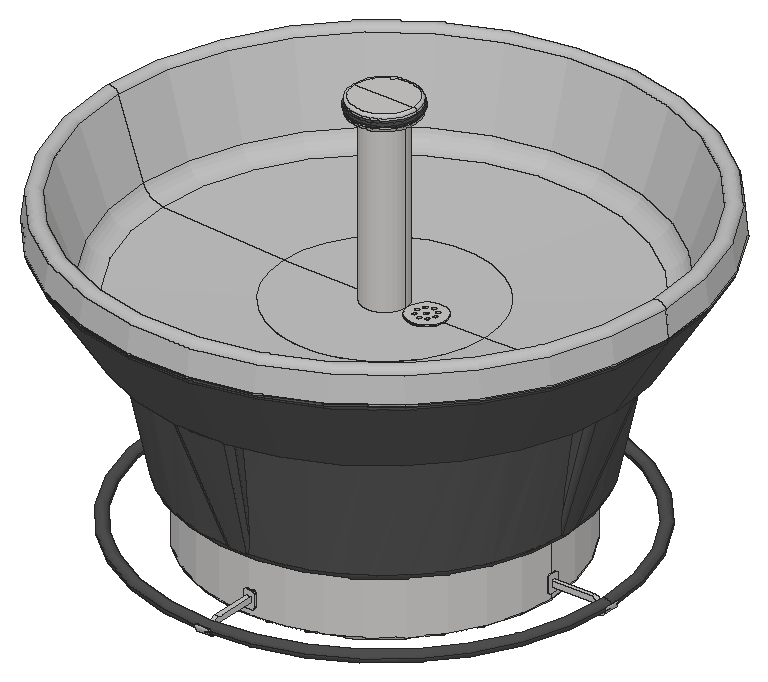
Revit family "Washfountain_Lavatory-Bradley_Corp-WF2808-Type_O_Drain", category Plumbing Fixtures, Revit 2012 (continued)
Automatic sketch dimensions
  Masking region 7 sketch curve to curve 8 = 0.000"
  Masking region 7 sketch curve to curve 8 = 3.22592"
  Masking region 7 sketch curve to curve 8 = 2.810"
  curve 8 to Masking region 7 sketch curve = 2.810"
  curve 8 to Masking region 7 sketch curve = 3.22592"
  Masking region 7 sketch curve to curve 8 = 6.000"
  Masking region 8 sketch curve to curve 8 = 0.000"
  curve 8 to Masking region 8 sketch curve = 1.000"
  Masking region 8 sketch curve to curve 8 = 3.1566"
  Masking region 8 sketch curve to Masking region 8 sketch curve = 0.14284"  (x2)
  Masking region 8 sketch curve to Masking region 8 sketch curve = 0.03075"  (x2)
  Masking region 8 sketch curve to Masking region 8 sketch curve = 0.05262"  (x4)
  Masking region 8 sketch curve to Masking region 8 sketch curve = 0.06777"  (x2)
  Masking region 8 sketch curve to curve 8 = 1.17907"
  Masking region 8 sketch curve to curve 8 = 0.84002"
  curve 8 to Masking region 8 sketch curve = 0.84002"
  curve 8 to Masking region 8 sketch curve = 1.17907"
  Masking region 8 sketch curve to Masking region 8 sketch curve = 1.96998"
  curve 8 to Masking region 8 sketch curve = 0.375"
  Masking region 8 sketch curve to curve 8 = 7.18965"
  Masking region 8 sketch curve to Masking region 8 sketch curve = 1.18965"
  Masking region 8 sketch curve to Masking region 8 sketch curve = 0.60673"  (x2)
  Masking region 8 sketch curve to Masking region 8 sketch curve = 1.250"  (x5)
  Masking region 8 sketch curve to Masking region 8 sketch curve = 0.64327"
  Masking region 8 sketch curve to Masking region 8 sketch curve = 0.625"
  curve 8 to curve 24 = 0.375"
  curve 24 to curve 8 = 3.1566"
  curve 19 to curve 24 = 0.000"  (x2)
  curve 19 to curve 20 = 0.17359"
  curve 20 to curve 21 = 0.05262"
  curve 21 to curve 22 = 0.05262"
  curve 22 to curve 23 = 0.06777"
  curve 8 to curve 23 = 2.810"
  curve 23 to curve 22 = 0.06777"
  curve 22 to curve 21 = 0.05262"
  curve 21 to curve 20 = 0.05262"
  curve 20 to curve 24 = 0.17359"
  curve 19 to curve 24 = 0.625"
  curve 20 to curve 19 = 0.64327"
  curve 21 to curve 20 = 1.250"
  curve 22 to curve 21 = 1.250"
  curve 23 to curve 22 = 1.250"
  Masking region 9 sketch curve to curve 3 = 0.000"
  Masking region 9 sketch curve to curve 3 = 0.12875"
  curve 3 to Masking region 9 sketch curve = 0.21498"
  curve 3 to Masking region 9 sketch curve = 0.215"
  Masking region 9 sketch curve to Masking region 9 sketch curve = 0.785"
  Masking region 9 sketch curve to curve 3 = 1.000"
  Masking region 9 sketch curve to curve 3 = 0.215"
  Masking region 9 sketch curve to curve 3 = 0.21498"
  curve 3 to Masking region 9 sketch curve = 0.12875"
  Masking region 9 sketch curve to curve 3 = 1.38998"  (x2)
  Masking region 9 sketch curve to curve 3 = 0.94498"  (x2)
  Masking region 9 sketch curve to curve 3 = 0.44498"  (x2)
  Masking region 10 sketch curve to curve 3 = 0.12875"
  Masking region 10 sketch curve to curve 3 = 0.035"  (x2)
  Masking region 10 sketch curve to curve 3 = 0.00002"
  curve 3 to Masking region 10 sketch curve = 0.215"  (x2)
  Masking region 10 sketch curve to Masking region 10 sketch curve = 0.785"
  Masking region 10 sketch curve to curve 3 = 1.000"
  Masking region 10 sketch curve to curve 3 = 0.215"  (x2)
  curve 3 to Masking region 10 sketch curve = 0.035"  (x2)
  Masking region 10 sketch curve to Masking region 10 sketch curve = 0.09375"
  Masking region 10 sketch curve to curve 3 = 1.38998"  (x2)
  Masking region 10 sketch curve to curve 3 = 0.94498"  (x2)
  Masking region 10 sketch curve to curve 3 = 0.53873"  (x2)
  Masking region 11 sketch curve to curve 4 = 0.000"
  Masking region 11 sketch curve to curve 4 = 0.12875"
  curve 4 to Masking region 11 sketch curve = 0.21498"
  curve 4 to Masking region 11 sketch curve = 0.215"
  Masking region 11 sketch curve to Masking region 11 sketch curve = 0.785"
  Masking region 11 sketch curve to curve 4 = 1.000"
  Masking region 11 sketch curve to curve 4 = 0.215"
  Masking region 11 sketch curve to curve 4 = 0.21498"
  curve 4 to Masking region 11 sketch curve = 0.12875"
  Masking region 11 sketch curve to curve 4 = 1.38998"  (x2)
  Masking region 11 sketch curve to curve 4 = 0.94498"  (x2)
  Masking region 11 sketch curve to curve 4 = 0.44498"  (x2)
  Masking region 12 sketch curve to curve 4 = 0.12875"
  Masking region 12 sketch curve to curve 4 = 0.035"  (x2)
  curve 4 to Masking region 12 sketch curve = 0.215"  (x2)
  Masking region 12 sketch curve to curve 4 = 0.00002"
  curve 4 to Masking region 12 sketch curve = 1.000"
  Masking region 12 sketch curve to curve 4 = 1.000"
  Masking region 12 sketch curve to curve 4 = 0.215"  (x2)
  curve 4 to Masking region 12 sketch curve = 0.035"  (x2)
  Masking region 12 sketch curve to Masking region 12 sketch curve = 0.09375"
  Masking region 12 sketch curve to curve 4 = 1.38998"  (x2)
  Masking region 12 sketch curve to curve 4 = 0.94498"  (x2)
  Masking region 12 sketch curve to curve 4 = 0.53873"  (x2)
  curve 37 to curve 4 = 0.12875"
  curve 32 to curve 4 = 0.12875"
  curve 36 to curve 4 = 0.035"
  curve 33 to curve 4 = 0.035"
  curve 4 to curve 38 = 1.000"
  curve 38 to curve 4 = 1.000"
  curve 4 to curve 35 = 0.035"
  curve 4 to curve 33 = 0.035"
  curve 33 to curve 34 = 0.09375"
  curve 35 to curve 35 = 0.09375"
  curve 38 to curve 4 = 1.38998"
  curve 37 to curve 4 = 0.94498"
  curve 34 to curve 4 = 0.44498"
  Revolve 7 sketch curve to curve 5 = 0.000"
  curve 5 to Revolve 7 sketch curve = 1.000"
  curve 5 to Revolve 7 sketch curve = 0.89718"
  Revolve 7 sketch curve to curve 5 = 0.64632"
  Revolve 7 sketch curve to Revolve 7 sketch curve = 0.17678"
  Revolve 7 sketch curve to Revolve 7 sketch curve = 0.000"  (x5)
  Revolve 7 sketch curve to Revolve 7 sketch curve = 0.60355"
  Revolve 7 sketch curve to Revolve 7 sketch curve = 0.176"
  curve 5 to Revolve 7 sketch curve = 0.34072"
  Revolve 7 sketch curve to curve 5 = 1.44037"
  Revolve 7 sketch curve to Revolve 7 sketch curve = 0.01575"
  Revolve 7 sketch curve to Revolve 7 sketch curve = 0.074"
  Revolve 7 sketch curve to Revolve 7 sketch curve = 0.0755"
  Revolve 7 sketch curve to curve 5 = 2.78252"
  Revolve 7 sketch curve to curve 5 = 39.99275"
  Revolve 7 sketch curve to Revolve 7 sketch curve = 0.07322"
  Revolve 7 sketch curve to Revolve 7 sketch curve = 0.60277"
  Revolve 7 sketch curve to Revolve 7 sketch curve = 0.22469"
  Revolve 7 sketch curve to Revolve 7 sketch curve = 1.19454"
  Revolve 8 sketch curve to curve 5 = 0.000"
  curve 5 to Revolve 8 sketch curve = 1.000"
  Revolve 8 sketch curve to curve 5 = 0.75025"
  Revolve 8 sketch curve to Revolve 8 sketch curve = 0.82512"  (x2)
  Revolve 8 sketch curve to Revolve 8 sketch curve = 0.000"
  Revolve 8 sketch curve to Revolve 8 sketch curve = 0.71918"
  Revolve 8 sketch curve to Revolve 8 sketch curve = 1.30001"
  Masking region 13 sketch curve to curve 5 = 0.000"
  Masking region 13 sketch curve to curve 5 = 1.5755"
  Masking region 13 sketch curve to curve 5 = 0.750"
  curve 5 to Masking region 13 sketch curve = 1.000"
  Masking region 13 sketch curve to curve 5 = 1.000"
  curve 5 to Masking region 13 sketch curve = 0.75025"
  curve 5 to Masking region 13 sketch curve = 1.57537"
  Masking region 13 sketch curve to Masking region 13 sketch curve = 0.8255"
  Masking region 13 sketch curve to Masking region 13 sketch curve = 0.82512"
  Masking region 14 sketch curve to curve 5 = 0.000"
  Masking region 14 sketch curve to curve 5 = 1.57537"
  Masking region 14 sketch curve to Masking region 14 sketch curve = 0.0755"  (x2)
  Masking region 14 sketch curve to Masking region 14 sketch curve = 0.11925"
  Masking region 14 sketch curve to Masking region 14 sketch curve = 0.000"  (x7)
  Masking region 14 sketch curve to Masking region 14 sketch curve = 0.01575"  (x2)
  Masking region 14 sketch curve to Masking region 14 sketch curve = 0.074"  (x2)
  Masking region 14 sketch curve to Masking region 14 sketch curve = 0.176"  (x2)
  Masking region 14 sketch curve to curve 5 = 0.82309"
  Masking region 14 sketch curve to Masking region 14 sketch curve = 0.17678"  (x2)
  curve 5 to Masking region 14 sketch curve = 0.89718"
  curve 5 to Masking region 14 sketch curve = 1.000"
  curve 5 to Masking region 14 sketch curve = 2.78252"
  Masking region 14 sketch curve to Masking region 14 sketch curve = 0.43497"
  Masking region 14 sketch curve to curve 5 = 1.000"
  Masking region 14 sketch curve to curve 5 = 0.89718"
  curve 5 to Masking region 14 sketch curve = 0.64632"
  Masking region 14 sketch curve to Masking region 14 sketch curve = 0.60355"
  curve 5 to Masking region 14 sketch curve = 0.34072"
  curve 5 to Masking region 14 sketch curve = 1.44037"
  Masking region 14 sketch curve to curve 5 = 39.99275"
  Masking region 14 sketch curve to Masking region 14 sketch curve = 0.07322"  (x2)
  Masking region 14 sketch curve to Masking region 14 sketch curve = 0.60277"  (x2)
  Masking region 14 sketch curve to Masking region 14 sketch curve = 0.3591"
  Masking region 14 sketch curve to Masking region 14 sketch curve = 0.22469"
  Masking region 14 sketch curve to Masking region 14 sketch curve = 0.13441"
  curve 252 to curve 5 = 23.7889"
  curve 40 to curve 5 = 1.5755"
  curve 5 to curve 39 = 0.56541"
  curve 40 to curve 39 = 0.07563"
  curve 5 to curve 41 = 1.000"
  curve 41 to curve 5 = 1.000"
  curve 5 to curve 39 = 1.49987"
  curve 39 to curve 40 = 0.0755"
  curve 5 to curve 252 = 23.7906"
  curve 41 to curve 5 = 2.84038"
  curve 40 to curve 39 = 1.44948"
  Masking region 15 sketch curve to curve 6 = 0.000"
  Masking region 15 sketch curve to curve 6 = 1.57537"
  Masking region 15 sketch curve to curve 6 = 0.74987"
  curve 6 to Masking region 15 sketch curve = 1.000"
  Masking region 15 sketch curve to curve 6 = 1.000"
  curve 6 to Masking region 15 sketch curve = 0.75025"
  curve 6 to Masking region 15 sketch curve = 1.57537"
  Masking region 15 sketch curve to Masking region 15 sketch curve = 0.82512"
  Masking region 15 sketch curve to Masking region 15 sketch curve = 0.8255"
  Masking region 16 sketch curve to curve 6 = 0.000"
  Masking region 16 sketch curve to curve 6 = 1.57537"
  Masking region 16 sketch curve to Masking region 16 sketch curve = 0.0755"  (x2)
  Masking region 16 sketch curve to Masking region 16 sketch curve = 0.11925"
  Masking region 16 sketch curve to Masking region 16 sketch curve = 0.000"  (x7)
  Masking region 16 sketch curve to Masking region 16 sketch curve = 0.135"
  Masking region 16 sketch curve to Masking region 16 sketch curve = 0.074"
  Masking region 16 sketch curve to Masking region 16 sketch curve = 0.176"  (x2)
  Masking region 16 sketch curve to curve 6 = 0.82309"
  Masking region 16 sketch curve to Masking region 16 sketch curve = 0.17678"  (x2)
  curve 6 to Masking region 16 sketch curve = 0.89718"
  curve 6 to Masking region 16 sketch curve = 1.000"
  curve 6 to Masking region 16 sketch curve = 2.78252"
  Masking region 16 sketch curve to Masking region 16 sketch curve = 0.43497"
  Masking region 16 sketch curve to curve 6 = 1.000"
  Masking region 16 sketch curve to curve 6 = 0.89718"
  curve 6 to Masking region 16 sketch curve = 0.64632"
  Masking region 16 sketch curve to Masking region 16 sketch curve = 0.60355"
  curve 6 to Masking region 16 sketch curve = 0.34072"
  curve 6 to Masking region 16 sketch curve = 1.44037"
  Masking region 16 sketch curve to Masking region 16 sketch curve = 0.01575"
  Masking region 16 sketch curve to Masking region 16 sketch curve = 0.0595"
  Masking region 16 sketch curve to curve 6 = 39.99275"
  Masking region 16 sketch curve to Masking region 16 sketch curve = 0.07322"  (x2)
  Masking region 16 sketch curve to Masking region 16 sketch curve = 0.60277"  (x2)
  Masking region 16 sketch curve to Masking region 16 sketch curve = 0.3591"
  Masking region 16 sketch curve to Masking region 16 sketch curve = 0.22469"
  Masking region 16 sketch curve to Masking region 16 sketch curve = 0.13441"
  curve 43 to curve 6 = 1.57537"
  curve 6 to curve 42 = 0.56541"
  curve 43 to curve 42 = 0.0755"
  curve 6 to curve 44 = 1.000"
  curve 44 to curve 6 = 1.000"
  curve 6 to curve 42 = 1.49987"
  curve 42 to curve 43 = 0.0755"
  curve 43 to curve 42 = 1.44948"
  curve 44 to curve 6 = 2.840"
  curve 136 to curve 137 = 0.000"  (x2)
  curve 136 to curve 138 = 0.000"  (x2)
  curve 137 to curve 138 = 0.000"  (x2)
  curve 147 to curve 251 = 0.000"  (x2)
  curve 141 to plane 1 "Center (Front/Back)" = 0.000"
  curve 138 to plane 1 "Center (Front/Back)" = 0.000"
  curve 145 to plane 1 "Center (Front/Back)" = 0.000"
  curve 251 to plane 1 "Center (Front/Back)" = 0.000"
  curve 251 to plane 3 "Center (Left/Right)" = 0.000"
  curve 145 to curve 147 = 3.12229"
  curve 144 to curve 145 = 0.25708"
  curve 146 to curve 145 = 0.25708"
  curve 143 to curve 144 = 0.62063"
  curve 136 to curve 146 = 0.62063"
  curve 139 to curve 146 = 0.62063"
  curve 142 to curve 143 = 0.62063"
  curve 140 to curve 139 = 0.62063"
  curve 141 to curve 140 = 0.25708"
  curve 140 to plane 1 "Center (Front/Back)" = 0.62063"
  curve 146 to plane 1 "Center (Front/Back)" = 0.62063"
  curve 139 to curve 146 = 0.25708"
  plane 1 "Center (Front/Back)" to curve 142 = 0.62063"
  plane 1 "Center (Front/Back)" to curve 144 = 0.62063"
  curve 144 to curve 143 = 0.25708"
  Masking region 18 sketch curve to plane 1 "Center (Front/Back)" = 0.000"
  Masking region 18 sketch curve to plane 3 "Center (Left/Right)" = 0.000"
  curve 45 to plane 1 "Center (Front/Back)" = 0.000"
  curve 45 to plane 3 "Center (Left/Right)" = 0.000"
  Masking region 19 sketch curve to plane 1 "Center (Front/Back)" = 0.000"
  Masking region 19 sketch curve to plane 3 "Center (Left/Right)" = 0.000"
  curve 46 to plane 1 "Center (Front/Back)" = 0.000"
  curve 46 to plane 3 "Center (Left/Right)" = 0.000"
  Masking region 20 sketch curve to plane 1 "Center (Front/Back)" = 0.000"
  Masking region 20 sketch curve to plane 3 "Center (Left/Right)" = 0.000"
  curve 47 to plane 1 "Center (Front/Back)" = 0.000"
  curve 47 to plane 3 "Center (Left/Right)" = 0.000"
  curve 244 to plane 1 "Center (Front/Back)" = 2.2644"
  plane 3 "Center (Left/Right)" to curve 244 = 7.0783"
  curve 244 to curve 250 = 1.51551"
  curve 250 to curve 246 = 0.06253"
  curve 245 to curve 246 = 0.000"  (x2)
  plane 3 "Center (Left/Right)" to curve 244 = 1.57842"
  curve 248 to plane 3 "Center (Left/Right)" = 0.06259"
  curve 243 to plane 3 "Center (Left/Right)" = 1.57814"
  curve 246 to plane 3 "Center (Left/Right)" = 5.500"
  curve 246 to curve 249 = 0.06259"
  curve 243 to plane 1 "Center (Front/Back)" = 2.26429"
  curve 248 to curve 243 = 1.51554"
  curve 250 to curve 244 = 0.87478"
  curve 249 to curve 243 = 0.875"
  curve 250 to curve 250 = 0.06779"
  curve 245 to curve 246 = 1.750"
  plane 1 "Center (Front/Back)" to curve 248 = 6.38699"
  curve 248 to curve 243 = 0.875"
  curve 248 to curve 244 = 0.87526"
  Masking region 21 sketch curve to plane 1 "Center (Front/Back)" = 0.000"
  Masking region 21 sketch curve to plane 3 "Center (Left/Right)" = 0.000"
  plane 3 "Center (Left/Right)" to Masking region 21 sketch curve = 0.06279"
  plane 3 "Center (Left/Right)" to Masking region 21 sketch curve = 3.52689"
  plane 3 "Center (Left/Right)" to Masking region 21 sketch curve = 5.50026"
  Masking region 21 sketch curve to plane 1 "Center (Front/Back)" = 3.13918"
  Masking region 21 sketch curve to Masking region 21 sketch curve = 0.06253"
  Masking region 21 sketch curve to plane 1 "Center (Front/Back)" = 1.13918"
  Masking region 21 sketch curve to Masking region 21 sketch curve = 3.4641"  (x2)
  Masking region 21 sketch curve to plane 3 "Center (Left/Right)" = 0.06259"
  Masking region 21 sketch curve to plane 3 "Center (Left/Right)" = 3.5267"
  Masking region 21 sketch curve to plane 3 "Center (Left/Right)" = 5.500"
  Masking region 21 sketch curve to plane 1 "Center (Front/Back)" = 3.13929"
  Masking region 21 sketch curve to Masking region 21 sketch curve = 0.06259"
  Masking region 21 sketch curve to plane 1 "Center (Front/Back)" = 1.13929"
  Masking region 21 sketch curve to Masking region 21 sketch curve = 0.06767"
  Masking region 21 sketch curve to Masking region 21 sketch curve = 0.06779"
  Masking region 21 sketch curve to Masking region 21 sketch curve = 4.000"
  Extrusion 9 sketch curve to plane 8 "Towel Dispenser" = 0.000"
  Extrusion 9 sketch curve to Extrusion 9 sketch curve = 2.250"
  Extrusion 9 sketch curve to plane 1 "Center (Front/Back)" = 3.20696"
  Extrusion 10 sketch curve to Extrusion 10 sketch curve = 2.250"
  Extrusion 10 sketch curve to Extrusion 10 sketch curve = 4.000"
  Extrusion 11 sketch curve to plane 8 "Towel Dispenser" = 0.000"
  Extrusion 11 sketch curve to Extrusion 11 sketch curve = 1.750"
  Extrusion 11 sketch curve to Extrusion 11 sketch curve = 2.250"
  Split face 1 sketch curve to Extrusion 9 = 0.56845"
  Split face 1 sketch curve to Split face 1 sketch curve = 0.750"
  Split face 1 sketch curve to Extrusion 9 = 1.500"  (x2)
  Split face 2 sketch curve to Extrusion 10 = 0.56845"
  Split face 2 sketch curve to Split face 2 sketch curve = 0.750"
  Split face 2 sketch curve to Extrusion 10 = 1.70359"
  Split face 2 sketch curve to Extrusion 10 = 1.29641"
  Split face 3 sketch curve to Extrusion 11 = 0.56851"
  Split face 3 sketch curve to Split face 3 sketch curve = 0.750"
  Split face 3 sketch curve to Extrusion 11 = 1.500"  (x2)
  curve 101 to Extrusion 9 = 0.000"  (x3)
  curve 99 to Extrusion 9 = 2.60156"
  curve 99 to curve 99 = 1.000"
  Extrusion 9 to curve 99 = 1.95703"
  curve 51 to Extrusion 10 = 0.000"  (x3)
  curve 100 to Extrusion 10 = 2.60156"
  curve 100 to curve 100 = 1.000"
  Extrusion 10 to curve 100 = 1.95703"
  curve 52 to Extrusion 11 = 0.000"  (x3)
  curve 98 to Extrusion 11 = 2.60156"
  curve 98 to curve 98 = 1.000"
  Extrusion 11 to curve 98 = 1.95703"
  Masking region 22 sketch curve to curve 9 = 0.000"  (x2)
  Masking region 22 sketch curve to curve 9 = 1.37502"  (x2)
  Masking region 22 sketch curve to curve 9 = 6.02676"
  Masking region 22 sketch curve to Masking region 22 sketch curve = 1.94856"
  Masking region 22 sketch curve to curve 9 = 2.56266"
  curve 9 to Masking region 22 sketch curve = 1.000"  (x2)
  Masking region 22 sketch curve to curve 9 = 1.000"  (x2)
  curve 9 to Masking region 22 sketch curve = 2.56273"
  curve 9 to Masking region 22 sketch curve = 4.0783"
  Masking region 22 sketch curve to Masking region 22 sketch curve = 3.46415"
  curve 9 to Masking region 22 sketch curve = 14.62567"  (x2)
  curve 9 to Masking region 22 sketch curve = 15.313"  (x2)
  Masking region 22 sketch curve to Masking region 22 sketch curve = 1.000"
  curve 131 to curve 53 = 0.000"
  curve 75 to curve 53 = 6.02688"
  curve 55 to curve 53 = 1.37502"
  curve 55 to curve 53 = 6.02688"
  curve 66 to curve 74 = 1.06133"
  curve 74 to curve 71 = 0.10866"
  curve 74 to curve 74 = 0.55423"  (x2)
  curve 74 to curve 53 = 0.29645"
  curve 73 to curve 55 = 0.4715"
  curve 103 to curve 53 = 1.50547"
  curve 71 to curve 55 = 0.32995"
  curve 72 to curve 53 = 0.30272"
  curve 53 to curve 72 = 0.2515"
  curve 73 to curve 72 = 0.10866"
  curve 53 to curve 132 = 1.000"
  curve 72 to curve 131 = 0.63984"
  curve 131 to curve 64 = 0.42158"
  curve 132 to curve 57 = 1.93715"
  curve 61 to curve 62 = 0.12538"
  curve 63 to curve 53 = 1.42193"
  curve 63 to curve 131 = 0.42193"
  curve 132 to curve 53 = 1.000"
  curve 69 to curve 53 = 0.14845"
  curve 53 to curve 70 = 0.40577"
  curve 53 to curve 54 = 0.52663"
  curve 54 to curve 70 = 0.43336"
  curve 67 to curve 70 = 0.10867"
  curve 53 to curve 54 = 3.2767"
  curve 68 to curve 53 = 0.33668"
  curve 54 to curve 68 = 0.46463"
  curve 68 to curve 68 = 0.10867"
  curve 69 to curve 68 = 0.55422"
  curve 68 to curve 68 = 0.55422"
  curve 102 to curve 65 = 0.97852"
  curve 56 to curve 58 = 5.50013"
  curve 55 to curve 53 = 10.37498"
  curve 54 to curve 53 = 10.37498"
  curve 68 to curve 68 = 0.04026"
  curve 73 to curve 72 = 0.04026"
  curve 68 to curve 54 = 1.03834"
  curve 53 to curve 103 = 3.97659"
  curve 65 to curve 102 = 2.60156"
  curve 103 to curve 103 = 1.000"
  curve 102 to curve 102 = 1.000"
  curve 53 to curve 59 = 14.62567"
  curve 53 to curve 60 = 14.62567"
  curve 53 to curve 61 = 15.313"
  curve 78 to curve 76 = 0.000"
  curve 77 to curve 76 = 0.000"
  curve 85 to curve 76 = 2.50026"
  curve 82 to curve 76 = 0.29642"
  curve 82 to curve 76 = 1.00026"
  curve 104 to curve 76 = 0.54323"
  curve 82 to curve 76 = 0.25026"
  curve 85 to curve 76 = 1.37502"
  curve 76 to curve 85 = 2.99987"
  curve 76 to curve 84 = 1.000"
  curve 84 to curve 84 = 0.750"
  curve 83 to curve 84 = 0.39109"
  curve 80 to curve 85 = 0.000"
  curve 76 to curve 104 = 3.97659"
  curve 76 to curve 104 = 4.97659"
  curve 76 to curve 79 = 14.62567"
  curve 79 to curve 77 = 0.68733"
  curve 79 to curve 78 = 0.68733"
  Masking region 23 sketch curve to curve 10 = 0.000"
  Masking region 23 sketch curve to curve 10 = 4.20696"
  Masking region 23 sketch curve to curve 10 = 1.95696"
  Masking region 23 sketch curve to curve 10 = 0.20696"
  curve 10 to Masking region 23 sketch curve = 1.000"
  Masking region 23 sketch curve to curve 10 = 1.000"
  curve 10 to Masking region 23 sketch curve = 3.3871"
  curve 10 to Masking region 23 sketch curve = 4.2621"
  Masking region 23 sketch curve to Masking region 23 sketch curve = 2.000"
  Masking region 23 sketch curve to curve 10 = 1.37502"  (x2)
  curve 10 to Masking region 23 sketch curve = 14.62567"  (x2)
  Masking region 23 sketch curve to Masking region 23 sketch curve = 0.68733"
  curve 10 to Masking region 23 sketch curve = 15.313"
  curve 10 to Masking region 23 sketch curve = 16.313"
  curve 86 to curve 10 = 0.000"
  curve 87 to curve 10 = 0.000"
  curve 91 to curve 10 = 0.000"
  curve 86 to curve 10 = 0.20696"
  curve 86 to curve 87 = 0.06756"
  curve 10 to curve 91 = 0.7356"
  curve 10 to curve 134 = 1.750"
  curve 134 to curve 90 = 0.1106"
  curve 89 to curve 95 = 0.01928"
  curve 95 to curve 96 = 0.39728"
  curve 95 to curve 95 = 0.31998"  (x2)
  curve 133 to curve 10 = 2.44456"
  curve 134 to curve 10 = 1.750"
  curve 10 to curve 93 = 0.62385"
  curve 96 to curve 10 = 0.29642"
  curve 96 to curve 92 = 2.18152"
  curve 96 to curve 97 = 0.31998"
  curve 97 to curve 94 = 0.31998"
  curve 94 to curve 97 = 0.39728"
  curve 10 to curve 90 = 5.3871"
  curve 93 to curve 10 = 10.37498"
  curve 95 to curve 95 = 0.17193"
  curve 10 to curve 93 = 1.37502"
  curve 10 to curve 133 = 3.97659"
  curve 133 to curve 133 = 1.000"
  curve 10 to curve 89 = 14.62567"
  curve 10 to curve 87 = 15.313"
  curve 86 to curve 87 = 0.000"
  curve 88 to curve 134 = 0.68733"
  Extrusion 12 sketch curve to plane 1 "Center (Front/Back)" = 0.000"
  Extrusion 12 sketch curve to plane 3 "Center (Left/Right)" = 0.000"
  curve 5 to Masking region 24 sketch curve = 3.500"
  curve 5 to Masking region 24 sketch curve = 1.000"
  Masking region 24 sketch curve to curve 5 = 1.000"
  Masking region 25 sketch curve to plane 10 "Sensor Module" = 3.500"
  Masking region 25 sketch curve to plane 1 "Center (Front/Back)" = 2.000"
  plane 1 "Center (Front/Back)" to Masking region 25 sketch curve = 2.000"
  Extrusion 13 sketch curve to plane 1 "Center (Front/Back)" = 0.000"
  Extrusion 13 sketch curve to plane 3 "Center (Left/Right)" = 0.000"
  Extrusion 14 sketch curve to Extrusion 14 sketch curve = 0.000"  (x2)
  Extrusion 14 sketch curve to plane 1 "Center (Front/Back)" = 0.000"
  Extrusion 14 sketch curve to plane 3 "Center (Left/Right)" = 0.000"
  plane 3 "Center (Left/Right)" to Extrusion 14 sketch curve = 0.06295"
  Extrusion 14 sketch curve to Extrusion 14 sketch curve = 2.000"
  Extrusion 14 sketch curve to Extrusion 14 sketch curve = 3.50026"
  Extrusion 14 sketch curve to Extrusion 14 sketch curve = 0.06243"
  Extrusion 14 sketch curve to plane 3 "Center (Left/Right)" = 0.06259"
  Extrusion 14 sketch curve to Extrusion 14 sketch curve = 3.500"
  Extrusion 14 sketch curve to Extrusion 14 sketch curve = 0.06259"
  Extrusion 14 sketch curve to plane 1 "Center (Front/Back)" = 3.13929"  (x2)
  Extrusion 14 sketch curve to Extrusion 14 sketch curve = 0.06767"
  plane 1 "Center (Front/Back)" to Extrusion 14 sketch curve = 6.38699"
  Extrusion 14 sketch curve to Extrusion 14 sketch curve = 0.00011"
  Extrusion 15 sketch curve to Extrusion 15 sketch curve = 0.000"  (x2)
  Extrusion 15 sketch curve to plane 1 "Center (Front/Back)" = 0.000"
  Extrusion 15 sketch curve to plane 3 "Center (Left/Right)" = 0.000"
  plane 3 "Center (Left/Right)" to Extrusion 15 sketch curve = 0.06295"
  Extrusion 15 sketch curve to Extrusion 15 sketch curve = 2.000"
  Extrusion 15 sketch curve to Extrusion 15 sketch curve = 3.50026"
  Extrusion 15 sketch curve to Extrusion 15 sketch curve = 0.06243"
  Extrusion 15 sketch curve to plane 3 "Center (Left/Right)" = 0.06259"
  Extrusion 15 sketch curve to Extrusion 15 sketch curve = 3.500"
  Extrusion 15 sketch curve to Extrusion 15 sketch curve = 0.06259"
  Extrusion 15 sketch curve to plane 1 "Center (Front/Back)" = 3.13929"  (x2)
  Extrusion 15 sketch curve to Extrusion 15 sketch curve = 0.06767"
  plane 1 "Center (Front/Back)" to Extrusion 15 sketch curve = 6.38699"
  Extrusion 15 sketch curve to Extrusion 15 sketch curve = 0.00011"
  Sweep 16 sketch curve to profile plane = 0.000"
  profile plane to Sweep 16 sketch curve = 1.425"
  Extrusion 17 sketch curve to Extrusion 17 sketch curve = 0.000"  (x10)
  level to Extrusion 17 sketch curve = 1.57969"
  plane 4 "Left" to Extrusion 17 sketch curve = 5.42032"
  Extrusion 17 sketch curve to Extrusion 17 sketch curve = 0.04831"  (x2)
  Extrusion 17 sketch curve to Extrusion 17 sketch curve = 0.48307"  (x2)
  Extrusion 17 sketch curve to Extrusion 17 sketch curve = 0.48846"  (x2)
  Extrusion 17 sketch curve to Extrusion 17 sketch curve = 0.04885"  (x2)
  level to Extrusion 17 sketch curve = 1.55302"
  Extrusion 17 sketch curve to plane 5 "Right" = 6.58615"
  Extrusion 17 sketch curve to Extrusion 17 sketch curve = 0.02667"
  Extrusion 17 sketch curve to Extrusion 17 sketch curve = 0.01068"
  Extrusion 18 sketch curve to Extrusion 18 sketch curve = 0.000"  (x10)
  level to Extrusion 18 sketch curve = 1.57982"
  plane 6 "Front" to Extrusion 18 sketch curve = 5.42032"
  Extrusion 18 sketch curve to Extrusion 18 sketch curve = 0.04831"  (x2)
  Extrusion 18 sketch curve to Extrusion 18 sketch curve = 0.48307"  (x2)
  Extrusion 18 sketch curve to Extrusion 18 sketch curve = 0.48846"  (x2)
  Extrusion 18 sketch curve to Extrusion 18 sketch curve = 0.04885"  (x2)
  level to Extrusion 18 sketch curve = 1.55315"
  Extrusion 18 sketch curve to plane 7 "Back" = 6.58615"
  Extrusion 18 sketch curve to Extrusion 18 sketch curve = 0.03735"
  Extrusion 18 sketch curve to Extrusion 18 sketch curve = 0.01068"
  Extrusion 19 sketch curve to Extrusion 19 sketch curve = 0.000"  (x6)
  level to Extrusion 19 sketch curve = 0.82503"  (x2)
  plane 4 "Left" to Extrusion 19 sketch curve = 6.000"
  Extrusion 19 sketch curve to Extrusion 19 sketch curve = 0.19771"  (x2)
  Extrusion 19 sketch curve to Extrusion 19 sketch curve = 0.600"
  Extrusion 19 sketch curve to Extrusion 19 sketch curve = 0.45214"  (x2)
  Extrusion 19 sketch curve to Extrusion 19 sketch curve = 0.14125"  (x2)
  Extrusion 19 sketch curve to Extrusion 19 sketch curve = 3.76201"
  level to Extrusion 19 sketch curve = 1.26725"
  Extrusion 19 sketch curve to plane 5 "Right" = 10.95544"
  Extrusion 19 sketch curve to Extrusion 19 sketch curve = 3.76205"
  Extrusion 19 sketch curve to Extrusion 19 sketch curve = 0.40229"
  Extrusion 19 sketch curve to Extrusion 19 sketch curve = 0.34334"
  Extrusion 20 sketch curve to Extrusion 20 sketch curve = 0.000"  (x6)
  level to Extrusion 20 sketch curve = 0.82997"
  plane 6 "Front" to Extrusion 20 sketch curve = 5.99907"
  Extrusion 20 sketch curve to Extrusion 20 sketch curve = 0.19771"  (x2)
  Extrusion 20 sketch curve to Extrusion 20 sketch curve = 0.600"
  Extrusion 20 sketch curve to Extrusion 20 sketch curve = 0.45214"  (x2)
  Extrusion 20 sketch curve to Extrusion 20 sketch curve = 0.14125"  (x2)
  Extrusion 20 sketch curve to Extrusion 20 sketch curve = 3.76296"
  level to Extrusion 20 sketch curve = 1.77219"
  Extrusion 20 sketch curve to plane 7 "Back" = 10.95714"
  level to Extrusion 20 sketch curve = 1.27219"
  Extrusion 20 sketch curve to Extrusion 20 sketch curve = 3.76468"
  Extrusion 20 sketch curve to Extrusion 20 sketch curve = 0.40229"
  Extrusion 20 sketch curve to Extrusion 20 sketch curve = 0.34334"
  plane 1 "Center (Front/Back)" to Extrusion 21 sketch curve = 0.49499"
  plane 1 "Center (Front/Back)" to Extrusion 21 sketch curve = 0.24499"  (x2)
  plane 1 "Center (Front/Back)" to Extrusion 21 sketch curve = 0.23845"
  Extrusion 21 sketch curve to plane 1 "Center (Front/Back)" = 0.24214"
  Extrusion 21 sketch curve to plane 1 "Center (Front/Back)" = 0.25501"  (x2)
  Extrusion 21 sketch curve to Extrusion 21 sketch curve = 0.250"
  level to Extrusion 21 sketch curve = 0.70961"
  Extrusion 21 sketch curve to Extrusion 21 sketch curve = 0.2684"  (x2)
  Extrusion 21 sketch curve to Extrusion 21 sketch curve = 0.5882"
  plane 1 "Center (Front/Back)" to Extrusion 22 sketch curve = 0.50501"
  plane 1 "Center (Front/Back)" to Extrusion 22 sketch curve = 0.25501"  (x2)
  plane 1 "Center (Front/Back)" to Extrusion 22 sketch curve = 0.24214"
  Extrusion 22 sketch curve to plane 1 "Center (Front/Back)" = 0.23845"
  Extrusion 22 sketch curve to plane 1 "Center (Front/Back)" = 0.24499"  (x2)
  Extrusion 22 sketch curve to Extrusion 22 sketch curve = 0.250"
  level to Extrusion 22 sketch curve = 0.70961"
  Extrusion 22 sketch curve to Extrusion 22 sketch curve = 0.2684"  (x2)
  Extrusion 22 sketch curve to Extrusion 22 sketch curve = 0.5882"
  Extrusion 23 sketch curve to plane 3 "Center (Left/Right)" = 0.50501"
  Extrusion 23 sketch curve to plane 3 "Center (Left/Right)" = 0.25501"  (x2)
  Extrusion 23 sketch curve to plane 3 "Center (Left/Right)" = 0.24214"
  plane 3 "Center (Left/Right)" to Extrusion 23 sketch curve = 0.23845"
  plane 3 "Center (Left/Right)" to Extrusion 23 sketch curve = 0.24499"  (x2)
  Extrusion 23 sketch curve to Extrusion 23 sketch curve = 0.250"
  level to Extrusion 23 sketch curve = 0.70961"
  Extrusion 23 sketch curve to Extrusion 23 sketch curve = 0.2684"  (x2)
  Extrusion 23 sketch curve to Extrusion 23 sketch curve = 0.5882"
  Extrusion 24 sketch curve to plane 3 "Center (Left/Right)" = 0.49499"
  Extrusion 24 sketch curve to plane 3 "Center (Left/Right)" = 0.24499"  (x2)
  Extrusion 24 sketch curve to plane 3 "Center (Left/Right)" = 0.23845"
  plane 3 "Center (Left/Right)" to Extrusion 24 sketch curve = 0.24214"
  plane 3 "Center (Left/Right)" to Extrusion 24 sketch curve = 0.25501"  (x2)
  Extrusion 24 sketch curve to Extrusion 24 sketch curve = 0.250"
  level to Extrusion 24 sketch curve = 0.70961"
  Extrusion 24 sketch curve to Extrusion 24 sketch curve = 0.2684"  (x2)
  Extrusion 24 sketch curve to Extrusion 24 sketch curve = 0.5882"
  level to Masking region 26 sketch curve = 1.57969"
  plane 4 "Left" to Masking region 26 sketch curve = 5.42032"
  Masking region 26 sketch curve to Masking region 26 sketch curve = 0.000"  (x4)
  Masking region 26 sketch curve to Masking region 26 sketch curve = 0.04831"  (x2)
  Masking region 26 sketch curve to Masking region 26 sketch curve = 0.04873"  (x2)
  Masking region 26 sketch curve to Masking region 26 sketch curve = 0.48264"  (x2)
  Masking region 26 sketch curve to Masking region 26 sketch curve = 0.00088"
  Masking region 26 sketch curve to Masking region 26 sketch curve = 0.19771"  (x2)
  Masking region 26 sketch curve to Masking region 26 sketch curve = 0.69685"  (x2)
  Masking region 26 sketch curve to plane 3 "Center (Left/Right)" = 0.670"
  Masking region 26 sketch curve to plane 3 "Center (Left/Right)" = 0.50501"
  Masking region 26 sketch curve to Masking region 26 sketch curve = 0.20433"  (x2)
  Masking region 26 sketch curve to Masking region 26 sketch curve = 0.21066"  (x2)
  Masking region 26 sketch curve to plane 3 "Center (Left/Right)" = 0.25501"
  plane 3 "Center (Left/Right)" to Masking region 26 sketch curve = 0.25501"  (x2)
  Masking region 26 sketch curve to Masking region 26 sketch curve = 0.250"
  level to Masking region 26 sketch curve = 0.925"
  Masking region 26 sketch curve to plane 5 "Right" = 6.69772"
  Masking region 26 sketch curve to Masking region 26 sketch curve = 0.50002"
  Masking region 26 sketch curve to Masking region 26 sketch curve = 0.100"
  level to Masking region 26 sketch curve = 0.825"
  Masking region 26 sketch curve to Masking region 26 sketch curve = 0.10013"  (x2)
  level to Masking region 26 sketch curve = 0.82487"
  Masking region 26 sketch curve to Masking region 26 sketch curve = 0.11539"
  Masking region 26 sketch curve to Masking region 26 sketch curve = 0.50506"
  Masking region 26 sketch curve to Masking region 26 sketch curve = 0.00013"  (x2)
  Masking region 26 sketch curve to Masking region 26 sketch curve = 0.15961"
  curve 112 to curve 113 = 0.000"  (x2)
  curve 115 to curve 116 = 0.000"  (x2)
  curve 169 to plane 3 "Center (Left/Right)" = 0.000"
  curve 167 to plane 3 "Center (Left/Right)" = 0.12584"
  curve 110 to plane 3 "Center (Left/Right)" = 0.46567"
  curve 111 to plane 3 "Center (Left/Right)" = 0.50501"
  curve 182 to plane 3 "Center (Left/Right)" = 0.56801"
  curve 171 to plane 3 "Center (Left/Right)" = 0.59234"
  curve 170 to plane 3 "Center (Left/Right)" = 0.59234"
  curve 107 to curve 110 = 0.20433"
  curve 189 to plane 3 "Center (Left/Right)" = 0.96355"
  curve 155 to curve 182 = 0.39773"
  curve 197 to curve 156 = 0.00604"
  curve 157 to curve 166 = 0.11963"
  curve 165 to curve 165 = 0.1244"
  curve 254 to curve 107 = 1.30389"
  curve 164 to curve 165 = 0.97433"
  curve 163 to curve 164 = 0.01354"
  curve 162 to curve 164 = 0.12928"
  curve 157 to curve 162 = 0.00342"
  curve 195 to curve 163 = 0.13525"
  plane 4 "Left" to curve 188 = 11.1054"
  curve 154 to curve 188 = 1.57573"
  curve 155 to curve 154 = 0.01774"
  curve 154 to curve 155 = 0.13012"
  level to curve 114 = 0.925"
  curve 114 to curve 154 = 2.83195"
  curve 113 to curve 114 = 0.36586"
  plane 4 "Left" to curve 162 = 6.1621"
  curve 199 to curve 153 = 0.07125"
  curve 112 to curve 113 = 0.32043"
  curve 113 to curve 114 = 0.01056"
  curve 113 to curve 112 = 0.01143"
  curve 161 to curve 199 = 0.15811"
  curve 112 to curve 112 = 0.48307"
  curve 160 to curve 161 = 0.93351"
  plane 3 "Center (Left/Right)" to curve 191 = 0.07846"
  curve 191 to curve 184 = 0.07846"
  curve 184 to curve 184 = 0.12584"
  plane 3 "Center (Left/Right)" to curve 110 = 0.46567"
  plane 3 "Center (Left/Right)" to curve 111 = 0.50501"
  curve 111 to curve 108 = 0.16499"
  plane 3 "Center (Left/Right)" to curve 166 = 0.72492"
  plane 3 "Center (Left/Right)" to curve 186 = 0.74925"
  plane 3 "Center (Left/Right)" to curve 185 = 0.74925"
  plane 3 "Center (Left/Right)" to curve 190 = 1.11807"
  curve 166 to curve 173 = 0.39773"
  curve 190 to curve 198 = 0.01062"
  curve 159 to curve 198 = 0.11963"
  curve 181 to curve 181 = 0.1244"
  curve 109 to curve 255 = 1.30389"
  curve 181 to curve 180 = 0.97433"
  curve 180 to curve 180 = 0.01354"
  curve 180 to curve 178 = 0.12928"
  curve 178 to curve 196 = 0.00342"
  curve 179 to curve 196 = 0.13328"
  curve 188 to plane 5 "Right" = 11.0625"
  curve 188 to curve 192 = 1.55723"
  curve 172 to curve 159 = 0.00046"
  level to curve 117 = 0.925"
  curve 159 to curve 117 = 2.80708"
  curve 117 to curve 116 = 0.36586"
  curve 200 to plane 5 "Right" = 6.13271"
  curve 177 to curve 200 = 0.07482"
  curve 116 to curve 115 = 0.32043"
  curve 117 to curve 116 = 0.01056"
  curve 115 to curve 116 = 0.01143"
  curve 177 to curve 177 = 0.22936"
  curve 115 to curve 115 = 0.48307"
  curve 176 to curve 187 = 0.90412"
  curve 176 to curve 192 = 0.00525"
  level to curve 109 = 0.925"
  curve 110 to curve 109 = 0.100"
  curve 116 to curve 117 = 0.10013"
  curve 113 to curve 114 = 0.10013"
  curve 110 to curve 107 = 0.100"
  level to curve 254 = 1.000"
  level to curve 255 = 1.000"
  curve 254 to curve 254 = 0.35175"
  curve 255 to curve 255 = 0.35175"
  curve 109 to curve 108 = 0.69191"
  curve 108 to curve 111 = 0.30809"
  curve 111 to curve 189 = 2.71699"
  curve 189 to curve 189 = 0.35175"
  curve 189 to curve 190 = 0.00063"
  curve 190 to curve 190 = 0.35175"
  level to curve 188 = 5.6669"
  curve 198 to curve 173 = 0.58296"
  curve 158 to curve 175 = 0.000"
  curve 188 to curve 154 = 0.58296"
  curve 154 to curve 155 = 0.06505"
  curve 173 to curve 182 = 0.06505"
  curve 175 to curve 191 = 0.06505"
  curve 188 to curve 187 = 0.64802"
  curve 159 to curve 192 = 0.00087"
  curve 166 to curve 197 = 0.49138"
  curve 159 to curve 198 = 0.49138"
  curve 182 to curve 171 = 2.45212"
  curve 186 to curve 171 = 0.000"
  curve 186 to curve 185 = 5.5394"
  curve 170 to curve 185 = 0.000"
  curve 177 to plane 14 "Pedestal Height" = 8.13162"
  curve 161 to plane 14 "Pedestal Height" = 8.13162"
  curve 185 to curve 178 = 2.94594"
  curve 161 to curve 161 = 0.05585"
  curve 180 to curve 180 = 0.01323"
  curve 157 to curve 164 = 0.01323"
  curve 179 to curve 175 = 0.01556"
  curve 179 to curve 196 = 0.01556"
  curve 191 to curve 175 = 0.000"
  curve 158 to curve 191 = 0.000"
  curve 179 to curve 173 = 0.01556"
  curve 163 to curve 156 = 0.01556"
  curve 163 to curve 195 = 0.01556"
  curve 160 to curve 199 = 0.01556"
  curve 177 to curve 200 = 0.01556"
  curve 176 to curve 192 = 0.01582"
  level to Masking region 27 sketch curve = 1.57955"
  plane 6 "Front" to Masking region 27 sketch curve = 5.42032"
  Masking region 27 sketch curve to Masking region 27 sketch curve = 0.000"  (x4)
  Masking region 27 sketch curve to Masking region 27 sketch curve = 0.04831"  (x2)
  Masking region 27 sketch curve to Masking region 27 sketch curve = 0.04873"  (x2)
  Masking region 27 sketch curve to Masking region 27 sketch curve = 0.48264"  (x2)
  Masking region 27 sketch curve to Masking region 27 sketch curve = 0.00088"
  Masking region 27 sketch curve to Masking region 27 sketch curve = 0.19771"  (x2)
  Masking region 27 sketch curve to Masking region 27 sketch curve = 0.69685"  (x2)
  plane 1 "Center (Front/Back)" to Masking region 27 sketch curve = 0.670"
  plane 1 "Center (Front/Back)" to Masking region 27 sketch curve = 0.50501"
  Masking region 27 sketch curve to Masking region 27 sketch curve = 0.20433"  (x2)
  Masking region 27 sketch curve to Masking region 27 sketch curve = 0.21066"  (x2)
  Masking region 27 sketch curve to Masking region 27 sketch curve = 0.250"  (x2)
  Masking region 27 sketch curve to plane 1 "Center (Front/Back)" = 0.25501"  (x2)
  level to Masking region 27 sketch curve = 0.92487"  (x2)
  Masking region 27 sketch curve to plane 7 "Back" = 6.69772"
  Masking region 27 sketch curve to Masking region 27 sketch curve = 0.50002"
  Masking region 27 sketch curve to Masking region 27 sketch curve = 0.100"  (x2)
  Masking region 27 sketch curve to Masking region 27 sketch curve = 0.10013"  (x2)
  Masking region 27 sketch curve to Masking region 27 sketch curve = 0.11539"
  Masking region 27 sketch curve to Masking region 27 sketch curve = 0.50506"
  Masking region 27 sketch curve to Masking region 27 sketch curve = 0.00013"  (x2)
  Masking region 27 sketch curve to Masking region 27 sketch curve = 0.15961"
  curve 118 to curve 120 = 0.000"  (x2)
  curve 122 to curve 124 = 0.000"  (x2)
  curve 217 to plane 1 "Center (Front/Back)" = 0.000"
  curve 231 to curve 216 = 0.15625"
  plane 1 "Center (Front/Back)" to curve 232 = 0.28209"
  plane 1 "Center (Front/Back)" to curve 130 = 0.46567"
  plane 1 "Center (Front/Back)" to curve 129 = 0.50501"
  curve 127 to curve 129 = 0.16499"
  plane 1 "Center (Front/Back)" to curve 233 = 0.75783"
  plane 1 "Center (Front/Back)" to curve 234 = 0.75783"
  plane 1 "Center (Front/Back)" to curve 240 = 1.11807"
  curve 230 to curve 228 = 0.83929"
  curve 229 to curve 240 = 0.00996"
  curve 242 to curve 226 = 0.02425"
  curve 230 to curve 242 = 0.09599"
  curve 224 to curve 226 = 0.12501"
  curve 215 to curve 222 = 0.17483"
  curve 257 to curve 126 = 1.30389"
  curve 225 to curve 224 = 0.98787"
  curve 221 to curve 225 = 0.11588"
  curve 225 to curve 221 = 0.0044"
  curve 223 to curve 225 = 0.13631"
  plane 6 "Front" to curve 212 = 11.10542"
  curve 236 to curve 212 = 1.5718"
  curve 242 to curve 194 = 0.02749"
  level to curve 125 = 0.92644"
  curve 125 to curve 194 = 2.8344"
  curve 123 to curve 125 = 0.11307"
  curve 124 to curve 123 = 0.000"
  curve 123 to curve 124 = 0.04885"
  curve 123 to curve 123 = 0.04885"
  curve 125 to curve 125 = 0.36541"
  plane 6 "Front" to curve 237 = 6.15862"
  curve 221 to curve 237 = 0.00042"
  curve 238 to curve 221 = 0.05572"
  curve 124 to curve 125 = 0.32264"
  curve 122 to curve 123 = 0.48846"
  curve 235 to curve 238 = 0.10251"
  curve 122 to curve 122 = 0.00467"
  curve 122 to curve 122 = 0.48307"
  curve 235 to curve 235 = 0.9746"
  curve 194 to curve 235 = 0.03383"
  plane 6 "Front" to curve 253 = 0.2094"
  curve 217 to plane 1 "Center (Front/Back)" = 0.12584"
  curve 130 to plane 1 "Center (Front/Back)" = 0.46567"
  curve 129 to plane 1 "Center (Front/Back)" = 0.50501"
  curve 219 to plane 1 "Center (Front/Back)" = 0.60158"
  curve 220 to plane 1 "Center (Front/Back)" = 0.60158"
  curve 129 to curve 127 = 0.16499"
  curve 239 to plane 1 "Center (Front/Back)" = 0.96355"
  curve 213 to curve 215 = 0.83929"
  curve 210 to curve 214 = 0.00666"
  curve 215 to curve 241 = 0.02425"
  curve 241 to curve 215 = 0.09599"
  curve 211 to curve 211 = 0.12501"
  curve 215 to curve 230 = 0.17483"
  curve 128 to curve 256 = 1.30389"
  curve 211 to curve 208 = 0.98787"
  curve 209 to curve 205 = 0.11588"
  curve 205 to curve 206 = 0.0044"
  curve 208 to curve 207 = 0.13631"
  curve 212 to plane 7 "Back" = 11.10714"
  curve 212 to curve 202 = 1.57573"
  curve 193 to curve 241 = 0.0218"
  level to curve 121 = 0.92644"
  curve 193 to curve 121 = 2.83519"
  curve 121 to curve 120 = 0.11007"
  curve 119 to curve 120 = 0.000"
  curve 120 to curve 119 = 0.04885"
  curve 119 to curve 119 = 0.04885"
  curve 121 to curve 121 = 0.36241"
  curve 203 to plane 7 "Back" = 6.1621"
  curve 202 to curve 205 = 0.00059"
  curve 205 to curve 204 = 0.05554"
  curve 204 to curve 201 = 0.10251"
  curve 119 to curve 120 = 0.48846"
  curve 121 to curve 120 = 0.3344"
  curve 118 to curve 118 = 0.009"
  curve 118 to curve 118 = 0.48307"
  curve 203 to curve 201 = 0.97458"
  curve 201 to curve 193 = 0.03384"
  curve 253 to plane 7 "Back" = 0.2094"
  curve 124 to curve 125 = 0.10133"
  curve 120 to curve 121 = 0.10144"
  level to curve 130 = 0.82487"
  curve 128 to curve 130 = 0.000"
  curve 126 to curve 130 = 0.000"
  level to curve 256 = 1.00004"
  level to curve 257 = 1.00004"
  curve 257 to curve 257 = 0.35175"
  curve 256 to curve 256 = 0.35175"
  curve 128 to curve 128 = 0.79191"
  curve 127 to curve 129 = 0.30809"
  curve 129 to curve 239 = 2.71712"
  curve 239 to curve 239 = 0.35175"
  curve 239 to curve 240 = 0.00063"
  curve 240 to curve 240 = 0.35175"
  level to curve 212 = 5.66694"
  curve 212 to curve 236 = 0.56325"
  curve 229 to curve 231 = 0.58292"
  curve 217 to curve 228 = 0.000"
  curve 212 to curve 193 = 0.58296"
  curve 228 to curve 216 = 0.06698"
  curve 193 to curve 241 = 0.07553"
  curve 226 to curve 242 = 0.07557"
  curve 230 to curve 219 = 2.37802"
  curve 233 to curve 219 = 0.000"
  curve 219 to curve 220 = 5.54498"
  curve 234 to curve 220 = 0.000"
  curve 203 to curve 203 = 0.06371"
  curve 237 to curve 236 = 0.06371"
  curve 234 to curve 221 = 2.94698"
  curve 206 to curve 209 = 0.01359"
  curve 222 to curve 225 = 0.01359"
  curve 201 to curve 204 = 0.08852"
  curve 208 to curve 207 = 0.01556"
  curve 225 to curve 223 = 0.01556"
  curve 208 to curve 218 = 0.0156"
  curve 232 to curve 218 = 0.000"
  curve 208 to curve 210 = 0.0156"
  curve 227 to curve 226 = 0.0156"
  level to Masking region 28 sketch curve = 1.925"
  plane 4 "Left" to Masking region 28 sketch curve = 6.000"
  Masking region 28 sketch curve to plane 5 "Right" = 6.000"
  Masking region 28 sketch curve to Masking region 28 sketch curve = 0.500"
  level to Masking region 29 sketch curve = 0.92487"
  plane 6 "Front" to Masking region 29 sketch curve = 6.000"
  level to Masking region 29 sketch curve = 1.92487"
  Masking region 29 sketch curve to plane 7 "Back" = 6.000"
  Masking region 30 sketch curve to plane 9 "Soap Dispenser" = 9.000"
  plane 1 "Center (Front/Back)" to Masking region 30 sketch curve = 2.000"
  Masking region 30 sketch curve to plane 1 "Center (Front/Back)" = 2.000"
  Extrusion 25 sketch curve to plane 1 "Center (Front/Back)" = 0.000"
  plane 3 "Center (Left/Right)" to Extrusion 25 sketch curve = 4.000"
  Extrusion 26 sketch curve to Extrusion 26 sketch curve = 0.000"  (x6)
  Extrusion 26 sketch curve to plane 1 "Center (Front/Back)" = 0.000"  (x3)
  plane 3 "Center (Left/Right)" to Extrusion 26 sketch curve = 5.750"
  Extrusion 26 sketch curve to Extrusion 26 sketch curve = 0.87229"
  Extrusion 26 sketch curve to Extrusion 26 sketch curve = 0.25708"  (x5)
  Extrusion 26 sketch curve to Extrusion 26 sketch curve = 0.62063"  (x5)
  Extrusion 26 sketch curve to plane 1 "Center (Front/Back)" = 0.62063"  (x2)
  plane 1 "Center (Front/Back)" to Extrusion 26 sketch curve = 0.62063"  (x2)
  Extrusion 27 sketch curve to plane 3 "Center (Left/Right)" = 1.000"
  plane 3 "Center (Left/Right)" to Extrusion 27 sketch curve = 1.000"
  Extrusion 27 sketch curve to plane 1 "Center (Front/Back)" = 4.500"
  Extrusion 27 sketch curve to Extrusion 27 sketch curve = 1.000"
  plane 1 "Center (Front/Back)" to curve 148 = 0.07207"
  curve 148 to curve 148 = 12.70744"
  SweptBlend 28 sketch curve to profile plane = 0.000"
  SweptBlend 28 sketch curve to profile plane = 0.01461"  (x2)
  profile plane to SweptBlend 28 sketch curve = 0.8103"
  profile plane to SweptBlend 28 sketch curve = 1.10677"
  SweptBlend 28 sketch curve to profile plane = 1.10677"
  SweptBlend 28 sketch curve to SweptBlend 28 sketch curve = 1.76168"
  SweptBlend 28 sketch curve to SweptBlend 28 sketch curve = 7.03644"
  SweptBlend 28 sketch curve to profile plane = 0.684"  (x2)
  profile plane to SweptBlend 28 sketch curve = 2.71312"
  SweptBlend 28 sketch curve to profile plane = 0.11493"  (x2)
  SweptBlend 28 sketch curve to SweptBlend 28 sketch curve = 0.46892"
  SweptBlend 28 sketch curve to SweptBlend 28 sketch curve = 0.07429"  (x2)
  SweptBlend 28 sketch curve to profile plane = 0.07207"
  SweptBlend 28 sketch curve to profile plane = 2.2775"
  SweptBlend 28 sketch curve to SweptBlend 28 sketch curve = 22.00592"
  SweptBlend 28 sketch curve to SweptBlend 28 sketch curve = 1.38877"
  SweptBlend 28 sketch curve to SweptBlend 28 sketch curve = 18.48391"
  Revolve 29 sketch curve to plane 3 "Center (Left/Right)" = 0.000"
  level to Revolve 29 sketch curve = 6.57789"
  plane 4 "Left" to Revolve 29 sketch curve = 10.37637"
  Revolve 29 sketch curve to Revolve 29 sketch curve = 0.87527"
  plane 4 "Left" to Revolve 29 sketch curve = 6.99408"
  Revolve 29 sketch curve to Revolve 29 sketch curve = 0.25246"
  Revolve 29 sketch curve to level = 4.41442"
  Revolve 29 sketch curve to plane 14 "Pedestal Height" = 7.880"
  plane 12 "Rim Height" to Revolve 29 sketch curve = 3.44358"
  profile plane to SweptBlend 30 sketch curve = 0.09506"
  SweptBlend 30 sketch curve to profile plane = 0.12401"
  SweptBlend 30 sketch curve to profile plane = 0.15862"
  SweptBlend 30 sketch curve to profile plane = 0.1987"
  SweptBlend 30 sketch curve to SweptBlend 30 sketch curve = 0.29375"  (x2)
  SweptBlend 30 sketch curve to SweptBlend 30 sketch curve = 0.04008"
  SweptBlend 30 sketch curve to profile plane = 1.3768"
  SweptBlend 30 sketch curve to SweptBlend 30 sketch curve = 1.74551"  (x2)
  profile plane to SweptBlend 30 sketch curve = 0.81642"
  SweptBlend 30 sketch curve to profile plane = 1.23135"
  SweptBlend 30 sketch curve to SweptBlend 30 sketch curve = 6.82225"
  profile plane to SweptBlend 30 sketch curve = 0.18949"
  SweptBlend 30 sketch curve to profile plane = 0.31097"
  SweptBlend 30 sketch curve to profile plane = 0.38934"
  SweptBlend 30 sketch curve to profile plane = 0.43672"
  SweptBlend 30 sketch curve to SweptBlend 30 sketch curve = 0.54886"
  SweptBlend 30 sketch curve to SweptBlend 30 sketch curve = 0.07837"
  SweptBlend 30 sketch curve to SweptBlend 30 sketch curve = 1.36598"
  SweptBlend 30 sketch curve to SweptBlend 30 sketch curve = 1.38607"
  SweptBlend 30 sketch curve to profile plane = 2.70737"
  SweptBlend 30 sketch curve to SweptBlend 30 sketch curve = 18.00609"
  profile plane to SweptBlend 30 sketch curve = 19.09657"
  SweptBlend 30 sketch curve to profile plane = 2.78068"
  SweptBlend 30 sketch curve to SweptBlend 30 sketch curve = 0.3131"
  SweptBlend 30 sketch curve to SweptBlend 30 sketch curve = 0.54155"
  SweptBlend 30 sketch curve to SweptBlend 30 sketch curve = 0.30087"
  SweptBlend 30 sketch curve to SweptBlend 30 sketch curve = 0.18675"
  profile plane to SweptBlend 31 sketch curve = 0.46052"
  profile plane to SweptBlend 31 sketch curve = 1.0534"
  profile plane to SweptBlend 31 sketch curve = 0.81083"
  profile plane to SweptBlend 31 sketch curve = 0.12604"
  SweptBlend 31 sketch curve to SweptBlend 31 sketch curve = 0.25283"
  SweptBlend 31 sketch curve to SweptBlend 31 sketch curve = 0.04082"  (x2)
  SweptBlend 31 sketch curve to profile plane = 0.0971"
  SweptBlend 31 sketch curve to profile plane = 0.80459"
  profile plane to SweptBlend 31 sketch curve = 0.15573"
  SweptBlend 31 sketch curve to SweptBlend 31 sketch curve = 0.29365"
  SweptBlend 31 sketch curve to profile plane = 1.25427"
  SweptBlend 31 sketch curve to profile plane = 1.38164"
  profile plane to SweptBlend 31 sketch curve = 19.03721"
  profile plane to SweptBlend 31 sketch curve = 2.73587"
  profile plane to SweptBlend 31 sketch curve = 0.44269"
  SweptBlend 31 sketch curve to SweptBlend 31 sketch curve = 0.3861"
  SweptBlend 31 sketch curve to SweptBlend 31 sketch curve = 0.18814"
  SweptBlend 31 sketch curve to SweptBlend 31 sketch curve = 0.11764"
  profile plane to SweptBlend 31 sketch curve = 0.38374"
  SweptBlend 31 sketch curve to profile plane = 2.20721"
  SweptBlend 31 sketch curve to SweptBlend 31 sketch curve = 0.03143"
  SweptBlend 31 sketch curve to SweptBlend 31 sketch curve = 0.26481"
  SweptBlend 31 sketch curve to profile plane = 2.75911"
  profile plane to SweptBlend 31 sketch curve = 0.30391"
  SweptBlend 31 sketch curve to SweptBlend 31 sketch curve = 0.57424"
  SweptBlend 31 sketch curve to SweptBlend 31 sketch curve = 0.54839"
  SweptBlend 31 sketch curve to SweptBlend 31 sketch curve = 1.36531"
  SweptBlend 31 sketch curve to SweptBlend 31 sketch curve = 1.38577"
  profile plane to SweptBlend 32 sketch curve = 2.419"
  profile plane to SweptBlend 32 sketch curve = 8.78215"
  SweptBlend 32 sketch curve to profile plane = 0.5166"
  profile plane to SweptBlend 32 sketch curve = 2.29225"
  profile plane to SweptBlend 32 sketch curve = 1.70444"
  profile plane to SweptBlend 32 sketch curve = 0.59383"
  SweptBlend 32 sketch curve to SweptBlend 32 sketch curve = 0.07873"  (x2)
  profile plane to SweptBlend 32 sketch curve = 0.22927"
  profile plane to SweptBlend 32 sketch curve = 0.08474"
  profile plane to SweptBlend 32 sketch curve = 0.00601"
  SweptBlend 32 sketch curve to profile plane = 0.20109"
  SweptBlend 32 sketch curve to profile plane = 0.69859"
  profile plane to SweptBlend 32 sketch curve = 25.68154"
  profile plane to SweptBlend 32 sketch curve = 5.38946"
  profile plane to SweptBlend 32 sketch curve = 19.83774"
  profile plane to SweptBlend 32 sketch curve = 2.62288"
  profile plane to SweptBlend 32 sketch curve = 1.4182"
  profile plane to SweptBlend 32 sketch curve = 1.41209"
  SweptBlend 32 sketch curve to SweptBlend 32 sketch curve = 0.15396"
  SweptBlend 32 sketch curve to SweptBlend 32 sketch curve = 0.5192"
  profile plane to SweptBlend 32 sketch curve = 0.09291"
  SweptBlend 32 sketch curve to profile plane = 0.06105"
  SweptBlend 32 sketch curve to profile plane = 0.48516"
  SweptBlend 32 sketch curve to profile plane = 2.57304"
  SweptBlend 32 sketch curve to SweptBlend 32 sketch curve = 0.30097"
  SweptBlend 32 sketch curve to SweptBlend 32 sketch curve = 0.29717"
  SweptBlend 32 sketch curve to SweptBlend 32 sketch curve = 0.04426"
  SweptBlend 32 sketch curve to SweptBlend 32 sketch curve = 0.44042"
  Revolve 33 sketch curve to level = 0.000"
  Revolve 33 sketch curve to plane 3 "Center (Left/Right)" = 0.000"
  plane 4 "Left" to Revolve 33 sketch curve = 11.201"
  Revolve 33 sketch curve to Revolve 33 sketch curve = 0.09559"
  Revolve 33 sketch curve to Revolve 33 sketch curve = 6.4416"
  level to Revolve 33 sketch curve = 0.09391"
  Revolve 33 sketch curve to Revolve 33 sketch curve = 5.57134"
  Revolve 33 sketch curve to Revolve 33 sketch curve = 5.95117"
  Masking region 31 sketch curve to level = 0.000"
  plane 4 "Left" to Masking region 31 sketch curve = 4.99328"
  plane 4 "Left" to Masking region 31 sketch curve = 9.52967"
  Masking region 31 sketch curve to Masking region 31 sketch curve = 0.82573"
  Masking region 31 sketch curve to Masking region 31 sketch curve = 0.750"
  Masking region 31 sketch curve to Masking region 31 sketch curve = 0.0956"  (x2)
  Masking region 31 sketch curve to plane 5 "Right" = 11.20104"
  Masking region 31 sketch curve to Masking region 31 sketch curve = 0.79294"
  Masking region 31 sketch curve to Masking region 31 sketch curve = 0.78467"
  Masking region 31 sketch curve to plane 5 "Right" = 4.99328"
  Masking region 31 sketch curve to Masking region 31 sketch curve = 5.5713"  (x2)
  Masking region 31 sketch curve to Masking region 31 sketch curve = 0.58296"  (x2)
  Masking region 31 sketch curve to plane 14 "Pedestal Height" = 7.880"
  level to Masking region 32 sketch curve = 0.70961"  (x2)
  plane 4 "Left" to Masking region 32 sketch curve = 10.9554"
  Masking region 32 sketch curve to Masking region 32 sketch curve = 0.000"  (x3)
  Masking region 32 sketch curve to Masking region 32 sketch curve = 0.150"  (x4)
  Masking region 32 sketch curve to Masking region 32 sketch curve = 0.11736"  (x2)
  Masking region 32 sketch curve to plane 5 "Right" = 11.22277"
  Masking region 32 sketch curve to Masking region 32 sketch curve = 0.11733"
  Masking region 32 sketch curve to Masking region 32 sketch curve = 0.21539"  (x2)
  Masking region 32 sketch curve to Masking region 32 sketch curve = 1.000"  (x2)
  Masking region 32 sketch curve to Masking region 32 sketch curve = 0.40961"
  Masking region 32 sketch curve to Masking region 32 sketch curve = 0.40977"
  Masking region 32 sketch curve to Masking region 32 sketch curve = 2.30721"
  Masking region 32 sketch curve to Masking region 32 sketch curve = 2.30737"
  Masking region 32 sketch curve to Masking region 32 sketch curve = 0.35175"  (x2)
  plane 6 "Front" to Masking region 33 sketch curve = 4.99154"
  plane 6 "Front" to Masking region 33 sketch curve = 9.52609"
  Masking region 33 sketch curve to Masking region 33 sketch curve = 0.78467"
  Masking region 33 sketch curve to Masking region 33 sketch curve = 0.79466"
  Masking region 33 sketch curve to Masking region 33 sketch curve = 0.0956"  (x2)
  level to Masking region 33 sketch curve = 0.00004"
  Masking region 33 sketch curve to plane 7 "Back" = 11.20102"
  Masking region 33 sketch curve to Masking region 33 sketch curve = 0.74828"
  level to Masking region 33 sketch curve = 6.24991"
  Masking region 33 sketch curve to Masking region 33 sketch curve = 0.82573"
  Masking region 33 sketch curve to plane 7 "Back" = 4.99502"
  Masking region 33 sketch curve to Masking region 33 sketch curve = 5.5713"
  Masking region 33 sketch curve to Masking region 33 sketch curve = 0.58296"  (x2)
  Masking region 33 sketch curve to plane 14 "Pedestal Height" = 7.87996"
  level to Masking region 34 sketch curve = 5.34549"  (x2)
  plane 6 "Front" to Masking region 34 sketch curve = 11.10542"
  Masking region 34 sketch curve to Masking region 34 sketch curve = 0.20085"  (x2)
  Masking region 34 sketch curve to plane 7 "Back" = 11.308"
  Masking region 34 sketch curve to Masking region 34 sketch curve = 0.35175"  (x2)
  level to Masking region 35 sketch curve = 2.33461"
  plane 6 "Front" to Masking region 35 sketch curve = 10.95542"
  Masking region 35 sketch curve to Masking region 35 sketch curve = 0.000"  (x2)
  Masking region 35 sketch curve to Masking region 35 sketch curve = 0.150"  (x2)
  level to Masking region 35 sketch curve = 0.92487"  (x2)
  Masking region 35 sketch curve to plane 7 "Back" = 11.10542"
  Masking region 35 sketch curve to Masking region 35 sketch curve = 0.14828"  (x2)
  Masking region 35 sketch curve to Masking region 35 sketch curve = 0.21526"  (x2)
  Masking region 35 sketch curve to Masking region 35 sketch curve = 1.000"
  Masking region 35 sketch curve to Masking region 35 sketch curve = 0.40974"  (x2)
  Revolve 34 sketch curve to plane 1 "Center (Front/Back)" = 0.000"
  Revolve 34 sketch curve to plane 7 "Back" = 9.72686"
  Revolve 34 sketch curve to plane 7 "Back" = 4.99408"
  Revolve 34 sketch curve to level = 5.10276"
  level to Revolve 34 sketch curve = 5.66694"
  Revolve 34 sketch curve to plane 14 "Pedestal Height" = 7.880"
  Revolve 34 sketch curve to plane 14 "Pedestal Height" = 2.49476"
  Revolve 36 sketch curve to curve 7 = 0.000"
  Revolve 36 sketch curve to Revolve 36 sketch curve = 0.000"
  Revolve 36 sketch curve to curve 7 = 3.1566"
